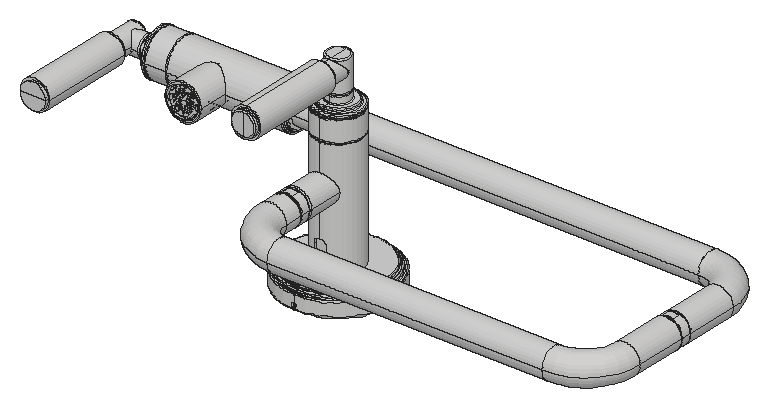
Revit family "Faucet-Wall_Mount-Pot_Filler-KALLISTA-Laura_Kirar-P28961", category Plumbing Fixtures, host Face, Revit 2021 (continued)
Definition of nested family "P28961"
  Lines and regions (in)
    symbolic lines, detail levels medium+fine
      curve 32: arc (0.37944, -0.75594, 0) -> (0, 0.84582, 0) -> (-0.37944, -0.75594, 0) r 0.84582
      curve 33: arc (0.37944, -1.37509, 0) -> (1.42625, 0.02555, 0) -> (0.32994, 1.3878, 0) r 1.42648
      curve 34: arc (0.28056, 0.04062, 0) -> (0.00563, 0.28343, 0) -> (-0.27873, 0.05172, 0) r 0.28348
      curve 35: line (1.00002, -2.72259, 0) -> (1.00002, -3.48425, 0)
      curve 36: line (7.89905, -2.72259, 0) -> (7.89905, -3.48425, 0)
      curve 37: line (8.48961, 0.75793, 0) -> (9.25545, 0.75793, 0)
      curve 38: line (7.81871, 2.15551, 0) -> (7.81871, 1.3878, 0)
      curve 39: line (8.48961, -0.52869, 0) -> (9.25732, -0.52869, 0)
      curve 40: line (8.5123, -0.55139, 0) -> (9.23463, -0.55139, 0)
      curve 41: line (8.50934, -0.82572, 0) -> (9.23759, -0.82572, 0)
      curve 42: line (8.48961, -0.7985, 0) -> (9.25732, -0.7985, 0)
      curve 43: line (9.25732, -0.84545, 0) -> (8.48961, -0.84545, 0)
      curve 44: line (8.48961, -0.56996, 0) -> (8.73926, -0.56996, 0)
      curve 45: line (8.73926, -0.7985, 0) -> (8.73926, -0.56996, 0)
      curve 46: line (9.01063, -0.7985, 0) -> (9.01063, -0.56996, 0)
      curve 47: arc (8.73926, -0.56996, 0) -> (8.87494, -0.55138, 0) -> (9.01063, -0.56996, 0) r 0.50481
      curve 48: line (9.01063, -0.56996, 0) -> (9.25732, -0.56996, 0)
      curve 49: line (0, 0.29945, 4.17672) -> (0, -0.29945, 4.17672)
      curve 50: line (0, 0.27977, 4.1964) -> (0, -0.27977, 4.1964)
      curve 51: line (0, 0.45998, 4.15703) -> (0, -0.45998, 4.15703)
      curve 52: line (0, 0.45998, 4.11634) -> (0, -0.45998, 4.11634)
      curve 53: line (0, 0.47967, 4.09666) -> (0, -0.47967, 4.09666)
      curve 54: line (0, 0.57991, 4.07697) -> (0, -0.57991, 4.07697)
      curve 55: line (0, 0.58, 4.03231) -> (0, -0.58, 4.03231)
      curve 56: line (0, 0.48282, 4.01662) -> (0, -0.48282, 4.01662)
      curve 57: line (0, 0.52095, 4.00625) -> (0, -0.52095, 4.00625)
      curve 58: line (0, 0.58014, 3.98656) -> (0, -0.58014, 3.98656)
      curve 59: line (0, 0.58014, 3.47719) -> (0, -0.58014, 3.47719)
      curve 60: line (0, 0.56015, 3.45834) -> (0, -0.56576, 3.45834)
      curve 61: line (0, 0.58091, 3.43549) -> (0, -0.58091, 3.43549)
      curve 62: line (0, 0.25192, 4.37006) -> (0, -0.27733, 4.37006)
      curve 63: line (0, 0.58013, 0.5293) -> (0, -0.58013, 0.5293)
      curve 64: line (0.58013, 0, 0.5293) -> (-0.58013, 0, 0.52968)
      curve 65: line (0.58087, 0, 2.74882) -> (-0.58087, 0, 2.74882)
      curve 66: line (0.58013, 0, 1.99221) -> (-0.58013, 0, 1.99221)
      curve 67: line (0.58, 0, 3.47773) -> (-0.58, 0, 3.47773)
      curve 68: line (0.5605, 0, 3.45706) -> (-0.5605, 0, 3.45706)
      curve 69: line (0.58087, 0, 3.43864) -> (-0.58087, 0, 3.43864)
      curve 70: line (0.48428, 0, 4.01684) -> (-0.48428, 0, 4.01684)
      curve 71: line (0.52217, 0, 4.00679) -> (-0.52217, 0, 4.00679)
      curve 72: line (0.58, 0, 3.98685) -> (-0.58, 0, 3.98685)
      curve 73: line (0.58017, 0, 4.07665) -> (-0.58017, 0, 4.07665)
      curve 74: line (0.48139, 0, 4.09666) -> (-0.48139, 0, 4.09666)
      curve 75: line (0.30054, 0, 4.17674) -> (-0.30054, 0, 4.17674)
      curve 76: line (0.28066, 0, 4.19661) -> (-0.28066, 0, 4.19661)
      curve 77: line (0.25192, 0, 4.37006) -> (-0.25192, 0, 4.37006)
      curve 78: line (0.28066, 0, 4.40544) -> (-0.28066, 0, 4.40544)
      curve 79: line (0.28066, 0, 4.34212) -> (-0.28066, 0, 4.34212)
      curve 80: line (-6.18871, 0, 2.61871) -> (-6.18871, 0, 2.14092)
      curve 81: line (-5.82551, 0, 2.74007) -> (-5.82551, 0, 2.01955)
      curve 82: line (-5.83497, 0, 2.79518) -> (-5.83497, 0, 1.96444)
      curve 83: line (-5.89436, 0, 2.94666) -> (-5.89436, 0, 1.81297)
      curve 84: line (-5.91474, 0, 1.91212) -> (-5.91474, 0, 2.8475)
      curve 85: line (-5.85458, 0, 2.94666) -> (-5.85458, 0, 1.81297)
      curve 86: line (-5.97552, 0, 2.82683) -> (-5.97552, 0, 1.9328)
      curve 87: line (-5.9954, 0, 2.6686) -> (-5.9954, 0, 2.07805)
      curve 88: line (-6.01715, 0, 2.64685) -> (-6.01715, 0, 2.11312)
      curve 89: line (-6.15784, 0, 2.64685) -> (-6.15784, 0, 2.11278)
      curve 90: line (-6.21803, 0, 2.64616) -> (-6.21803, 0, 2.11346)
      curve 91: line (-2.30469, 0, 2.74882) -> (-2.30469, 0, 1.97991)
      curve 92: line (-2.33807, 0, 2.86229) -> (-2.33807, 0, 1.89734)
      curve 93: line (-2.41535, 0, 2.94618) -> (-2.41535, 0, 1.81345)
      curve 94: line (-2.39553, 0, 2.92327) -> (-2.39553, 0, 1.85175)
      curve 95: line (1.44094, 0, 0.02137) -> (-1.44094, 0, 0.02137)
      curve 96: line (0, -1.62783, 2.03122) -> (0, -1.62783, 2.74621)
      curve 97: line (0, -1.60737, 2.01104) -> (0, -1.60737, 2.76639)
      curve 98: line (0, -1.64874, 2.76166) -> (0, -1.64874, 2.01104)
      curve 99: line (0, -1.36046, 2.71637) -> (0, -1.60737, 2.71637)
      curve 100: line (0, -1.35195, 2.03582) -> (0, -1.60737, 2.03582)
      curve 101: line (0, -1.34677, 2.041) -> (0, -1.34677, 2.70268)
      curve 102: arc (0, -1.34677, 2.041) -> (0, -1.34829, 2.03733) -> (0, -1.35195, 2.03582) r 0.00518
      curve 103: arc (0, -1.34677, 2.70268) -> (0, -1.35078, 2.71236) -> (0, -1.36046, 2.71637) r 0.01369
      curve 104: line (0, -1.34275, 2.02873) -> (0, -1.34275, 2.7507)
      curve 105: arc (0, -1.32688, 2.76657) -> (0, -1.3381, 2.76192) -> (0, -1.34275, 2.7507) r 0.01587
      curve 106: arc (0, -1.34275, 2.02873) -> (0, -1.33757, 2.01622) -> (0, -1.32506, 2.01104) r 0.01769
      curve 107: line (0, -2.11803, 2.01104) -> (0, -2.11803, 2.76196)
      curve 108: line (-5.27547, 0, 1.8393) -> (-5.27547, 0, 2.91472)
      curve 109: line (-0.41782, 1.3878, 0) -> (0.41782, 1.3878, 0)
      curve 110: line (-6.21822, 2.03971, 0) -> (-6.21212, 1.4802, 0)
      curve 111: line (-6.94832, 1.26106, 0) -> (-6.43088, 1.26106, 0)
      curve 112: line (-7.03048, 1.24137, 0) -> (-6.34873, 1.24137, 0)
      curve 113: line (-6.34873, 1.20744, 0) -> (-7.03048, 1.20744, 0)
      curve 114: line (-7.05016, 1.18776, 0) -> (-6.32904, 1.18776, 0)
      curve 115: line (-7.02909, -1.1228, 0) -> (-6.33304, -1.1228, 0)
      curve 116: line (-7.00902, -1.14287, 0) -> (-6.37018, -1.14287, 0)
      curve 117: line (-7.00902, -1.18173, 0) -> (-6.37018, -1.18173, 0)
      curve 118: line (0, 1.21761, 0.50576) -> (0, -1.21761, 0.50576)
      curve 119: line (0, 1.21761, 0.46505) -> (0, -1.21761, 0.46505)
      curve 120: line (0, -1.2373, 0.44537) -> (0, 1.2373, 0.44537)
      curve 121: line (0, 1.29768, 0.38718) -> (0, -1.29768, 0.38718)
      curve 122: line (0, -1.31941, 0.36545) -> (0, 1.31941, 0.36545)
      curve 123: line (0, -1.44094, 0.34544) -> (0, 1.3878, 0.34544)
      curve 124: line (0, 1.29768, 0.42117) -> (0, -1.29768, 0.42117)
      curve 125: line (0.37783, -2.1004, 0) -> (0.37783, -2.88358, 0)
      curve 126: line (-0.34002, -2.88358, 0) -> (0.37783, -2.88358, 0)
      curve 127: arc (0.37783, -2.88358, 0) -> (0.3637, -2.88944, 0) -> (0.35784, -2.90357, 0) r 0.01999
      curve 128: line (0.35784, -2.90357, 0) -> (0.35784, -2.92235, 0)
      curve 129: arc (0.35784, -2.92235, 0) -> (0.35071, -2.94214, 0) -> (0.33258, -2.95281, 0) r 0.03099
      curve 130: line (-0.08876, -2.95281, 0) -> (0.33258, -2.95281, 0)
      curve 131: line (0.35637, -2.91108, 0) -> (-0.32003, -2.91108, 0)
      curve 132: line (-0.33979, -0.51073, 0) -> (-0.33979, -0.56926, 0)
      curve 133: line (-0.32742, -0.49835, 0) -> (-0.27548, -0.49835, 0)
      curve 134: arc (-0.33979, -0.51073, 0) -> (-0.33617, -0.50198, 0) -> (-0.32742, -0.49835, 0) r 0.01238
      curve 135: line (-0.27873, -0.48529, 0) -> (-0.27873, 0.05172, 0)
      curve 136: line (-0.33979, -0.56926, 0) -> (-0.37944, -0.56926, 0)
      curve 137: line (0.33979, -0.50937, 0) -> (0.33979, -0.56926, 0)
      curve 138: line (0.32878, -0.49835, 0) -> (0.28056, -0.49835, 0)
      curve 139: line (0.33979, -0.56926, 0) -> (0.37944, -0.56926, 0)
      curve 140: arc (0.33979, -0.50937, 0) -> (0.33657, -0.50158, 0) -> (0.32878, -0.49835, 0) r 0.01101
      curve 141: arc (-0.27873, 0.05172, 0) -> (0, 0.2619, 0) -> (0.27873, 0.05172, 0) r 0.2899
      curve 142: line (0.28056, 0.04062, 0) -> (0.28056, -0.48529, 0)
      curve 143: line (-0.33979, -0.51073, 0) -> (0.33979, -0.50937, 0)
      curve 144: line (-0.27548, -0.49835, 0) -> (0.28056, -0.49835, 0)
      curve 145: arc (-0.27548, -0.49835, 0) -> (-0.2779, -0.49202, 0) -> (-0.27873, -0.48529, 0) r 0.02794
      curve 146: arc (0.28056, -0.48529, 0) -> (0.27885, -0.49258, 0) -> (0.27406, -0.49835, 0) r 0.01639
      curve 147: line (-0.27873, -0.48529, 0) -> (0.28056, -0.48529, 0)
      curve 148: line (-0.33979, -0.56926, 0) -> (0.33979, -0.56926, 0)
      curve 149: arc (0.37944, -1.28933, 0) -> (0, 1.34401, 0) -> (-0.37944, -1.28933, 0) r 1.34401
      curve 150: arc (0.37944, -1.24242, 0) -> (0, 1.29907, 0) -> (-0.37944, -1.24242, 0) r 1.29907
      curve 151: arc (0.37944, -1.20942, 0) -> (0, 1.26755, 0) -> (-0.37944, -1.20942, 0) r 1.26755
      curve 152: arc (0.37944, -1.11849, 0) -> (0, 1.1811, 0) -> (-0.37944, -1.11849, 0) r 1.1811
      curve 153: arc (0.37944, -1.16271, 0) -> (0, 1.22305, 0) -> (-0.37944, -1.16271, 0) r 1.22305
      curve 154: arc (0.37944, -1.32468, 0) -> (0, 1.37795, 0) -> (-0.37944, -1.32468, 0) r 1.37795
      curve 155: line (-1.20516, 0, 0.50518) -> (1.20516, 0, 0.50518)
      curve 156: line (1.22565, 0, 0.44527) -> (-1.22565, 0, 0.44527)
      curve 157: line (-1.28224, 0, 0.42558) -> (1.28224, 0, 0.42558)
      curve 158: line (1.30278, 0, 0.36525) -> (-1.30278, 0, 0.36525)
      curve 159: line (-1.44094, 0, 0.34557) -> (1.44094, 0, 0.34557)
      curve 160: line (-1.20516, 0, 0.46576) -> (1.20516, 0, 0.46576)
      curve 161: arc (0.28066, 0, 4.66979) -> (0, 0, 5.22951) -> (-0.28066, 0, 4.66979) r 0.35022
      curve 162: arc (0.28066, 0, 4.69039) -> (0, 0, 5.21759) -> (-0.28066, 0, 4.69039) r 0.3383
      curve 163: line (-6.43313, 0, 2.64616) -> (-6.6475, 0, 2.64616)
      curve 164: line (-6.42223, 0, 2.11346) -> (-6.6475, 0, 2.11346)
      curve 165: arc (-6.6475, 0, 2.64616) -> (-6.91385, 0, 2.37981) -> (-6.6475, 0, 2.11346) r 0.26635
      curve 166: arc (-6.6475, 0, 2.64616) -> (-6.86431, 0, 2.37981) -> (-6.6475, 0, 2.11346) r 0.27201
      curve 167: line (0.28066, 0, 4.63375) -> (0.28066, 0, 4.87781)
      curve 168: line (-0.28066, 0, 4.63375) -> (-0.28066, 0, 4.87781)
      curve 169: arc (0.28066, 0, 4.87781) -> (0, 0, 5.15847) -> (-0.28066, 0, 4.87781) r 0.28066
      curve 170: arc (0.28066, 0, 4.87781) -> (0, 0, 5.10456) -> (-0.28066, 0, 4.87781) r 0.28706
      curve 171: arc (-6.51142, 0, 2.64616) -> (-7.02022, 0, 2.34485) -> (-6.47605, 0, 2.11346) r 0.33134
      curve 172: arc (-6.53705, 0, 2.64616) -> (-7.007, 0, 2.34289) -> (-6.49691, 0, 2.11346) r 0.3183
      curve 173: line (-6.38465, 1.4802, 0) -> (-6.96942, 2.01423, 0)
      curve 174: line (-6.40978, 1.45507, 0) -> (-6.94394, 2.03971, 0)
      curve 175: line (0, -0.28736, 4.58408) -> (0, 0.24535, 5.17142)
      curve 176: line (0, 0.27993, 5.13684) -> (0, -0.31252, 4.60924)
      curve 177: line (0, -0.28736, 4.40048) -> (0, 0.27993, 4.40048)
      curve 178: line (0, -0.49856, 4.61962) -> (0, -0.49856, 5.16048)
      curve 179: line (0, -0.51825, 5.23313) -> (0, -0.51825, 4.54697)
      curve 180: line (0, -0.56854, 5.23313) -> (0, -0.56854, 4.54697)
      curve 181: line (0, -2.88294, 4.56739) -> (0, -2.88294, 5.25219)
      curve 182: line (0, 0.27977, 4.34063) -> (0, -0.27977, 4.34063)
      curve 183: line (0, 1.19052, 2.76138) -> (0, -1.12378, 2.76138)
      curve 184: line (0, 0.45039, 2.82353) -> (0, 0.45039, 2.76138)
      curve 185: line (0, 0.58091, 2.84011) -> (0, 0.46697, 2.84011)
      curve 186: arc (0, 0.46697, 2.84011) -> (0, 0.45524, 2.83525) -> (0, 0.45039, 2.82353) r 0.01658
      curve 187: line (0, 1.20047, 2.82849) -> (0, 1.20047, 2.72626)
      curve 188: line (0, 1.19814, 2.72626) -> (0, 1.25356, 2.72626)
      curve 189: line (0, 1.19052, 2.76138) -> (0, 1.19052, 2.73388)
      curve 190: arc (0, 1.19052, 2.73388) -> (0, 1.19275, 2.72849) -> (0, 1.19814, 2.72626) r 0.00762
      curve 191: line (0, 1.26165, 2.38128) -> (0, 1.26165, 2.71817)
      curve 192: arc (0, 1.25356, 2.72626) -> (0, 1.25928, 2.72389) -> (0, 1.26165, 2.71817) r 0.00809
      curve 193: line (0, 1.27203, 2.66659) -> (0, 1.74272, 2.66659)
      curve 194: arc (0, 1.26165, 2.65945) -> (0, 1.26573, 2.66463) -> (0, 1.27203, 2.66659) r 0.01111
      curve 195: line (0, 1.20002, 2.02737) -> (0, 1.25035, 2.02737)
      curve 196: line (0, 1.19052, 2.01104) -> (0, 1.19052, 2.01787)
      curve 197: arc (0, 1.26165, 2.03868) -> (0, 1.25834, 2.03068) -> (0, 1.25035, 2.02737) r 0.0113
      curve 198: arc (0, 1.19052, 2.01787) -> (0, 1.19331, 2.02459) -> (0, 1.20002, 2.02737) r 0.0095
      curve 199: line (0, 1.27203, 2.09597) -> (0, 1.74272, 2.09597)
      curve 200: arc (0, 1.26165, 2.10311) -> (0, 1.26573, 2.09793) -> (0, 1.27203, 2.09597) r 0.01111
      curve 201: arc (0, 1.74272, 2.66659) -> (0, 2.02803, 2.38128) -> (0, 1.74272, 2.09597) r 0.28531
      curve 202: arc (0, 1.74272, 2.66659) -> (0, 1.97495, 2.38128) -> (0, 1.74272, 2.09597) r 0.29138
      curve 203: arc (0, 1.44405, 2.09597) -> (0, 2.20608, 2.38128) -> (0, 1.44405, 2.66659) r 0.43442
      curve 204: arc (0, 1.39532, 2.09597) -> (0, 2.23844, 2.36107) -> (0, 1.40911, 2.66659) r 0.46692
      curve 205: line (0, 1.25035, 2.02737) -> (0, 1.25035, 2.72478)
      curve 206: line (0, 1.26165, 2.38128) -> (0, 1.26165, 2.03868)
      curve 207: line (0, 0.58004, 1.91436) -> (0, 0.47197, 1.91436)
      curve 208: line (0, 0.44997, 2.01104) -> (0, 0.44997, 1.93636)
      curve 209: arc (0, 0.47197, 1.91436) -> (0, 0.45641, 1.9208) -> (0, 0.44997, 1.93636) r 0.022
      curve 210: line (0, -1.12378, 2.76138) -> (0, -1.12378, 2.72678)
      curve 211: line (0, -1.12378, 2.72678) -> (0, -1.18149, 2.72678)
      curve 212: line (0, -1.19261, 2.71566) -> (0, -1.19261, 2.05608)
      curve 213: line (0, 1.19052, 2.01104) -> (0, -1.17168, 2.01104)
      curve 214: line (0, -1.12378, 2.046) -> (0, -1.18253, 2.046)
      curve 215: arc (0, -1.18253, 2.046) -> (0, -1.18966, 2.04895) -> (0, -1.19261, 2.05608) r 0.01008
      curve 216: arc (0, -1.18149, 2.72678) -> (0, -1.18936, 2.72353) -> (0, -1.19261, 2.71566) r 0.01112
      curve 217: line (0, -1.18149, 2.72678) -> (0, -1.18149, 2.046)
      curve 218: line (0, -1.12378, 2.72678) -> (0, -1.12378, 2.01104)
      curve 219: line (0, 1.19052, 2.01787) -> (0, 1.19052, 2.73388)
      curve 220: line (-5.24352, 0, 1.81345) -> (-5.24352, 0, 2.94617)
      curve 221: line (-5.30322, 0, 2.94618) -> (-5.30411, 0, 1.81345)
      curve 222: line (-5.80326, 0, 2.94618) -> (-5.80326, 0, 1.81345)
      curve 223: line (-0.46015, 0, 4.15673) -> (0.46015, 0, 4.15673)
  Dimensions and locks (in)
    locked: plane 6 to plane 7 at 13.12992
    locked: plane 3 "Center (Left/Right)" to plane 7 at 8.87346
    locked: plane 7 to plane 3 "Center (Left/Right)" at 8.87346
    plane 6 to plane 3 "Center (Left/Right)" = 4.25646"
    locked: plane 3 "Center (Left/Right)" to plane 6 at 4.25646
    locked: plane 10 to plane 1 "Center (Front/Back)" at 3.48425
    locked: plane 10 to plane 11 at 5.25591
    plane 10 to plane 12 = 0.76167"
    aligned and locked: plane 2 to level
Types (4): name | Type | Model | Finish
  (no name) | 3 | "P28961-00-VS" | Kallista-Metal-VS-Stainless
  CP-Chrome | 1 | "P28961-00-CP" | Kallista-Metal-CP-Chrome
  SN-Polished Nickel | 2 | "P28961-00-SN" | Kallista-Metal-SN-Polished_Nickel
  VS-Stainless | 3 | "P28961-00-VS" | Kallista-Metal-VS-Stainless
